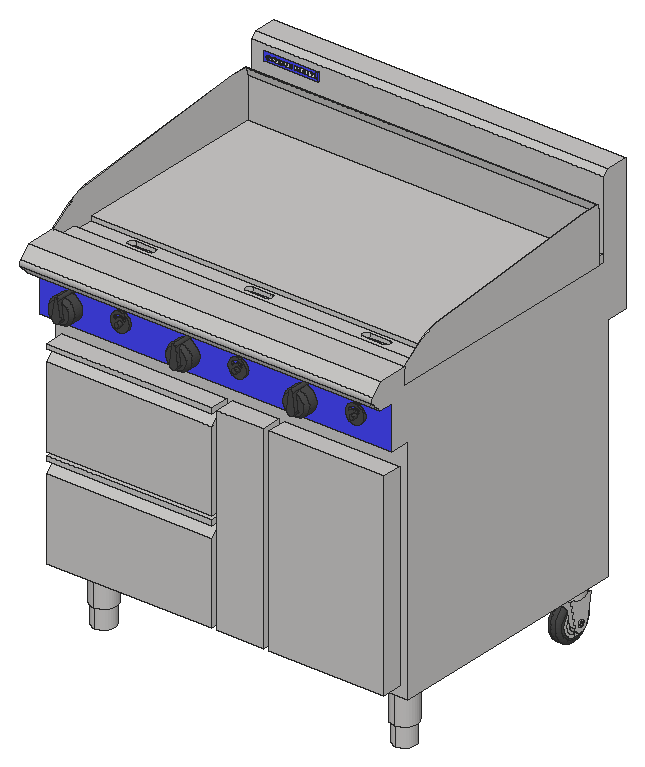
Revit family "QF_MOFFAT_BLUESEAL_CE_G516A-RB", category Specialty Equipment, Revit 2012
Parameters
  Weight in Pounds = 396  # constant formula
  Width [instance] = 900.00 mm  # constant formula
  Watts = 250 W
  Volts = 230 V
  URL Cutsheet = "www.moffat.com"
  URL = "www.moffat.com"
  Type Mark [instance] = ""
  Status [instance] = ""
  Specification by User [instance] = ""
  Specification by Manufacturer = ""
  Show Logo [instance] = yes
  Show Door [instance] = no
  Show Clearance [instance] = yes
  Show Casters [instance] = yes
  Serial Number = ""
  Seismic Rating = ""
  SMACNA No = ""
  Revision Code [instance] = ""
  Refrigerant Type = "R134a"
  Phase = 1
  Omniclass Number and Title = ""
  Number of Poles = 1
  NAFEM Spec ID Number = ""
  Model = "G516A-RB"
  Min Ckt Ampacity = 0 A
  Mechanical Remarks = ""
  Mechanical Connection Type = ""
  Max Overcurrent Protection = 0 A
  Masterspec = ""
  Manufacturer = "MOFFAT BLUESEAL"
  Legs [instance] = not(Show Casters)  # no
  Item Number [instance] = ""
  Installed By [instance] = ""
  Identify Quantity as Lot [instance] = yes
  HP = ""
  Gas Size = 3/4"
  Gas RI Height = 0.00 mm
  Gas KW = 18
  Gas Input = 61200.0 Btu/h
  Gas Connection Height = 0.00 mm
  Furnished By [instance] = ""
  Foodservice Equipment Identifier [instance] = yes
  FL Amps = 1.8 A
  Elec Conn RI Height = 0.00 mm
  Elec Conn Connection Height = 0.00 mm
  Drawer Clearance [instance] = and(Show Clearance, and(Drawer))  # yes
  Drawer [instance] = not(Show Door)  # yes
  Door Clearance [instance] = and(Show Clearance, and(Show Door))  # no
  Description = "900MM GAS GRIDDLE TOP ON REFRIGERATED BASE"
  Depth [instance] = 812.00 mm  # constant formula
  Cycle = 50 Hz
  Conn Plug = ""
  Conn Conduit = yes
  CSI MasterFormat = ""
  CSI Master Format = ""
  Back Splash [instance] = 215.00 mm  # constant formula
  Apparent Power = if(Phase = 3, Volts * FL Amps * 1.73, Volts * FL Amps)  # 414 VA
Reference planes
  plane 1 "BACK": y = 0
  plane 2: z = 0
  plane 3 "LEFT": x = 0
  plane 4 "RIGHT": x = 900
  plane 5 "FRONT": y = -812
  plane 6 "TOP": z = 970
  plane 7 "Center Y": x = 450
  plane 8 "Center X": y = -406
  plane 9 "Base Height": z = 150
  plane 10: z = 915
  plane 11: x = 65
  plane 12: x = 834
  plane 13: y = -625
  plane 14: x = 770
  plane 15: z = 655
  plane 16: y = -32
  plane 17: x = 617
  plane 18: z = 402
  plane 19: z = 1085
  plane 20: y = -100
Forms (mm)
  Extrusion 1, solid, material "QF_Finishes_Stainless Steel"
    sketch origin (0, 0, 0) x (0, 1, 0) y (0, 0, 1)
      loop
        line (-697, 150) -> (-57, 150) -> (-57, 740) -> (0, 740) -> (0, 1085) -> (-57.5, 1085) -> (-70, 1072.5) -> (-70, 875) -> (-705, 875) -> (-705, 915) -> (-783.97, 915) -> (-808.485, 890.485)
        arc (-808.485, 890.485) -> (-811.999, 882) -> (-808.485, 873.515) r 12
        line (-808.485, 873.515) -> (-784.97, 850) -> (-749, 850) -> (-749, 740) -> (-697, 740) -> (-697, 150)
    from 0 to 900
  Revolve 2, solid, material "QF_Finishes_Stainless Steel", visible <- "Legs"
    sketch origin (834, -210, 0) x (0, 1, 0) y (0, 0, -1)
      loop
        line (78.25, -150) -> (110, -150) -> (110, 0) -> (82.5, 0) -> (82.5, -50) -> (78.25, -50) -> (78.25, -150)
      axis (110, -150) -> (110, 0)
    angle from 0 to 360
  Revolve 3, solid, material "QF_Finishes_Stainless Steel"
    sketch origin (834, -735, 0) x (0, 1, 0) y (0, 0, -1)
      loop
        line (78.25, -150) -> (110, -150) -> (110, 0) -> (82.5, 0) -> (82.5, -50) -> (78.25, -50) -> (78.25, -150)
      axis (110, -150) -> (110, 0)
    angle from 0 to 360
  Revolve 4, solid, material "QF_Finishes_Stainless Steel", visible <- "Legs"
    sketch origin (65, -210, 0) x (0, 1, 0) y (0, 0, -1)
      loop
        line (78.25, -150) -> (110, -150) -> (110, 0) -> (82.5, 0) -> (82.5, -50) -> (78.25, -50) -> (78.25, -150)
      axis (110, -150) -> (110, 0)
    angle from 0 to 360
  Revolve 5, solid, material "QF_Finishes_Stainless Steel"
    sketch origin (65, -735, 0) x (0, 1, 0) y (0, 0, -1)
      loop
        line (78.25, -150) -> (110, -150) -> (110, 0) -> (82.5, 0) -> (82.5, -50) -> (78.25, -50) -> (78.25, -150)
      axis (110, -150) -> (110, 0)
    angle from 0 to 360
  Revolve 6, solid, material "QF_Finishes_Black"
    sketch origin (90, 0, 600) x (0, 1, 0) y (0, 0, -1)
      loop
        line (-789, -229.5) -> (-766, -229.5) -> (-766, -202) -> (-756, -202) -> (-756, -197) -> (-800, -197) -> (-800, -223.651) -> (-789, -229.5)
      axis (-800, -197) -> (-756, -197)
    angle from 0 to 360
  Extrusion 7, solid, material "QF_Finishes_Black"
    sketch origin (228.27, 0, 600.158) x (-1, 0, 0) y (0, 0, -1)
      loop
        line (127.85, -186.037) -> (133.271, -228.955)
        arc (133.271, -228.955) -> (138.27, -233.842) -> (143.268, -228.955) r 5
        line (143.268, -228.955) -> (148.757, -184.87)
        arc (148.757, -184.87) -> (137.685, -174.371) -> (127.85, -186.037) r 10.487
    from 759 to 808
  Extrusion 8, solid, material "QF_Finishes_Stainless Steel"
    sketch origin (0, -699, 685) x (1, 0, 0) y (0, -1, 0)
      loop
        circle (770, -667) r 13.5
    from -55 to 30
  Extrusion 9, solid, material "QF_Finishes_Stainless Steel"
    sketch origin (0, -57, 685) x (0, 0, 1) y (1, 0, 0)
      loop
        circle (-265, 620) r 13.5
    from 0 to 3.18
  Extrusion 10, solid, material "QF_Finishes_Black"
    sketch origin (0, -749, 866) x (0, 0, -1) y (1, 0, 0)
      loop
        circle (69, 510) r 23.9
      loop
        circle (69, 810) r 23.9
      loop
        circle (69, 210) r 23.9
      loop
        arc (61.641, 218.419) -> (62.501, 223.219) -> (57.701, 224.079) r 3.448
        arc (57.701, 224.079) -> (51.116, 209.341) -> (58.919, 195.209) r 18.095
        arc (58.919, 195.209) -> (63.641, 196.491) -> (62.326, 201.204) r 3.448
        arc (62.326, 201.204) -> (58.758, 209.683) -> (61.641, 218.419) r 13.109
      loop
        arc (61.641, 518.419) -> (62.501, 523.219) -> (57.701, 524.079) r 3.448
        arc (57.701, 524.079) -> (51.116, 509.341) -> (58.919, 495.209) r 18.095
        arc (58.919, 495.209) -> (63.641, 496.491) -> (62.326, 501.204) r 3.448
        arc (62.326, 501.204) -> (58.758, 509.683) -> (61.641, 518.419) r 13.109
      loop
        arc (61.641, 818.419) -> (62.501, 823.219) -> (57.701, 824.079) r 3.448
        arc (57.701, 824.079) -> (51.116, 809.341) -> (58.919, 795.209) r 18.095
        arc (58.919, 795.209) -> (63.641, 796.491) -> (62.326, 801.204) r 3.448
        arc (62.326, 801.204) -> (58.758, 809.683) -> (61.641, 818.419) r 13.109
    from 0 to 5
  Revolve 11, solid, material "QF_Finishes_Stainless Steel", visible <- "Show Casters"
    sketch origin (485.423, -100.755, -12.798) x (1, 0, 0) y (0, 0, 1)
      loop
        line (314.841, 63.604) -> (383.584, 63.604) -> (383.584, 67.109) -> (382.314, 68.379) -> (380.79, 68.379) -> (380.79, 71.826) -> (368.644, 71.826) -> (368.644, 81.79) -> (365.088, 83.843) -> (363.738, 92.179) -> (365.881, 92.179) -> (365.881, 98.529) -> (365.088, 98.529) -> (365.088, 104.879)
        arc (365.088, 104.879) -> (362.298, 111.614) -> (355.563, 114.404) r 9.525
        line (355.563, 114.404) -> (342.863, 114.404)
        arc (342.863, 114.404) -> (336.127, 111.614) -> (333.338, 104.879) r 9.525
        line (333.338, 104.879) -> (333.338, 98.529) -> (332.544, 98.529) -> (332.544, 92.179) -> (334.687, 92.179) -> (333.352, 83.932) -> (329.782, 81.871) -> (329.782, 71.826) -> (317.635, 71.826) -> (317.635, 68.379) -> (316.111, 68.379) -> (314.841, 67.109) -> (314.841, 63.604)
      axis (314.841, 63.604) -> (383.584, 63.604)
    angle from 0 to 360
  Extrusion 12, solid, material "QF_Finishes_Stainless Steel", visible <- "Show Casters"
    sketch origin (841.147, 132.353, -9.137) x (0, 1, 0) y (0, 0, 1)
      loop
        line (-200.603, 118.783) -> (-264.103, 118.783) -> (-251.746, 53.895)
        arc (-251.746, 53.895) -> (-232.353, 38.783) -> (-212.959, 53.895) r 20
        line (-212.959, 53.895) -> (-200.603, 118.783)
    from -35.667 to 22.923
  Revolve 13, solid, material "QF_Finishes_Stainless Steel", visible <- "Show Casters"
    sketch origin (834.646, -204, -0.354) x (0, 1, 0) y (0, 0, 1)
      loop
        line (68.25, 150) -> (68.25, 110) -> (104, 110) -> (104, 150) -> (68.25, 150)
      axis (104, 150) -> (104, 110)
    angle from 0 to 360
  Revolve 14, solid, material "QF_Finishes_Stainless Steel", visible <- "Show Casters"
    sketch origin (-283.577, -100.755, -12.798) x (1, 0, 0) y (0, 0, 1)
      loop
        line (314.841, 63.604) -> (383.584, 63.604) -> (383.584, 67.109) -> (382.314, 68.379) -> (380.79, 68.379) -> (380.79, 71.826) -> (368.644, 71.826) -> (368.644, 81.79) -> (365.088, 83.843) -> (363.738, 92.179) -> (365.881, 92.179) -> (365.881, 98.529) -> (365.088, 98.529) -> (365.088, 104.879)
        arc (365.088, 104.879) -> (362.298, 111.614) -> (355.563, 114.404) r 9.525
        line (355.563, 114.404) -> (342.863, 114.404)
        arc (342.863, 114.404) -> (336.127, 111.614) -> (333.338, 104.879) r 9.525
        line (333.338, 104.879) -> (333.338, 98.529) -> (332.544, 98.529) -> (332.544, 92.179) -> (334.687, 92.179) -> (333.352, 83.932) -> (329.782, 81.871) -> (329.782, 71.826) -> (317.635, 71.826) -> (317.635, 68.379) -> (316.111, 68.379) -> (314.841, 67.109) -> (314.841, 63.604)
      axis (314.841, 63.604) -> (383.584, 63.604)
    angle from 0 to 360
  Extrusion 15, solid, material "QF_Finishes_Stainless Steel", visible <- "Show Casters"
    sketch origin (72.147, 132.353, -9.137) x (0, 1, 0) y (0, 0, 1)
      loop
        line (-200.603, 118.783) -> (-264.103, 118.783) -> (-251.746, 53.895)
        arc (-251.746, 53.895) -> (-232.353, 38.783) -> (-212.959, 53.895) r 20
        line (-212.959, 53.895) -> (-200.603, 118.783)
    from -35.667 to 22.923
  Revolve 16, solid, material "QF_Finishes_Stainless Steel", visible <- "Show Casters"
    sketch origin (65.646, -204, -0.354) x (0, 1, 0) y (0, 0, 1)
      loop
        line (68.25, 150) -> (68.25, 110) -> (104, 110) -> (104, 150) -> (68.25, 150)
      axis (104, 150) -> (104, 110)
    angle from 0 to 360
  Revolve 17, solid, material "QF_Finishes_Black"
    sketch origin (390, 0, 600) x (0, 1, 0) y (0, 0, -1)
      loop
        line (-789, -229.5) -> (-766, -229.5) -> (-766, -202) -> (-756, -202) -> (-756, -197) -> (-800, -197) -> (-800, -223.651) -> (-789, -229.5)
      axis (-800, -197) -> (-756, -197)
    angle from 0 to 360
  Extrusion 18, solid, material "QF_Finishes_Black"
    sketch origin (528.27, 0, 600.158) x (-1, 0, 0) y (0, 0, -1)
      loop
        line (127.85, -186.037) -> (133.271, -228.955)
        arc (133.271, -228.955) -> (138.27, -233.842) -> (143.268, -228.955) r 5
        line (143.268, -228.955) -> (148.757, -184.87)
        arc (148.757, -184.87) -> (137.685, -174.371) -> (127.85, -186.037) r 10.487
    from 759 to 808
  Revolve 19, solid, material "QF_Finishes_Black"
    sketch origin (690, 0, 600) x (0, 1, 0) y (0, 0, -1)
      loop
        line (-789, -229.5) -> (-766, -229.5) -> (-766, -202) -> (-756, -202) -> (-756, -197) -> (-800, -197) -> (-800, -223.651) -> (-789, -229.5)
      axis (-800, -197) -> (-756, -197)
    angle from 0 to 360
  Extrusion 20, solid, material "QF_Finishes_Black"
    sketch origin (828.27, 0, 600.158) x (-1, 0, 0) y (0, 0, -1)
      loop
        line (127.85, -186.037) -> (133.271, -228.955)
        arc (133.271, -228.955) -> (138.27, -233.842) -> (143.268, -228.955) r 5
        line (143.268, -228.955) -> (148.757, -184.87)
        arc (148.757, -184.87) -> (137.685, -174.371) -> (127.85, -186.037) r 10.487
    from 759 to 808
  Extrusion 21, solid, material "QF_Finishes_Black"
    sketch origin (0, -754, 866) x (0, 0, -1) y (1, 0, 0)
      loop
        circle (72.5, 810) r 5.75
      loop
        circle (72.5, 510) r 5.75
      loop
        circle (72.5, 210) r 5.75
    from 0 to 10
  Extrusion 22, solid, material "QF_Finishes_Stainless Steel"
    sketch origin (0, 0, 0) x (0, 1, 0) y (0, 0, 1)
      loop
        line (-699, 678) -> (-747, 678) -> (-747, 665) -> (-715.13, 665) -> (-749, 636.579) -> (-749, 431) -> (-699, 431) -> (-699, 678)
      loop
        line (-749, 175) -> (-699, 175) -> (-699, 421) -> (-747, 421) -> (-747, 408) -> (-715.13, 408) -> (-749, 379.579) -> (-749, 175)
    from 17.986 to 440
  Extrusion 23, solid, material "QF_Finishes_Stainless Steel"
    sketch origin (723.5, 0, 0) x (0, 1, 0) y (0, 0, 1)
      loop
        line (-699, 678) -> (-749, 678) -> (-749, 175) -> (-699, 175) -> (-699, 678)
    from -270.5 to -150.5
  Extrusion 24, solid, material "QF_Door-Drawer Clearances", visible <- "Show Clearance", detail levels coarse
    sketch origin (0, -749, 676) x (0, 0, -1) y (1, 0, 0)
      loop
        line (501, 440) -> (255, 440) -> (255, 17.986) -> (501, 17.986) -> (501, 440)
      loop
        line (245, 440) -> (-2, 440) -> (-2, 17.986) -> (245, 17.986) -> (245, 440)
    from 0 to 304.8
  Extrusion 25, solid, material "QF_Finishes_Stainless Steel"
    sketch origin (1031.5, 0, 0) x (0, 1, 0) y (0, 0, 1)
      loop
        line (-699, 678) -> (-749, 678) -> (-749, 175) -> (-699, 175) -> (-699, 678)
    from -444.5 to -150.5
Lines and regions (mm)
  Split face 1
    outline origin (0, 612.322, 1085) x (0, -1, 0) y (1, 0, 0)
      loop
        arc (657.707, 566) -> (652.707, 574.66) -> (642.707, 574.66) r 10
        line (642.707, 574.66) -> (635.707, 570.619)
        arc (635.707, 570.619) -> (632.047, 566.959) -> (630.707, 561.959) r 10
        line (630.707, 561.959) -> (630.707, 334)
        arc (630.707, 334) -> (635.707, 325.34) -> (645.707, 325.34) r 10
        line (645.707, 325.34) -> (652.707, 329.381)
        arc (652.707, 329.381) -> (656.368, 333.041) -> (657.707, 338.041) r 10
        line (657.707, 338.041) -> (657.707, 566)
  Split face 2
    outline origin (0, 612.322, 1085) x (0, -1, 0) y (1, 0, 0)
      loop
        arc (630.707, 624) -> (635.707, 615.34) -> (645.707, 615.34) r 10
        line (645.707, 615.34) -> (652.707, 619.381)
        arc (652.707, 619.381) -> (656.368, 623.041) -> (657.707, 628.041) r 10
        line (657.707, 628.041) -> (657.707, 856)
        arc (657.707, 856) -> (652.707, 864.66) -> (642.707, 864.66) r 10
        line (642.707, 864.66) -> (635.707, 860.619)
        arc (635.707, 860.619) -> (632.047, 856.959) -> (630.707, 851.959) r 10
        line (630.707, 851.959) -> (630.707, 624)
  Split face 3
    outline origin (0, 612.322, 1085) x (0, -1, 0) y (1, 0, 0)
      loop
        arc (657.707, 276) -> (652.707, 284.66) -> (642.707, 284.66) r 10
        line (642.707, 284.66) -> (635.707, 280.619)
        arc (635.707, 280.619) -> (632.047, 276.959) -> (630.707, 271.959) r 10
        line (630.707, 271.959) -> (630.707, 44)
        arc (630.707, 44) -> (635.707, 35.34) -> (645.707, 35.34) r 10
        line (645.707, 35.34) -> (652.707, 39.381)
        arc (652.707, 39.381) -> (656.368, 43.041) -> (657.707, 48.041) r 10
        line (657.707, 48.041) -> (657.707, 276)
  Split face 4
    outline origin (1031.5, -749, 676) x (0, 0, -1) y (1, 0, 0)
      loop
        line (291.62, -416.534) -> (481.62, -416.534) -> (481.62, -181.534) -> (291.62, -181.534) -> (291.62, -416.534)
  Split face 5
    outline origin (1031.5, -749, 931) x (0, 0, -1) y (1, 0, 0)
      loop
        line (291.62, -416.534) -> (356.62, -416.534) -> (356.62, -181.534) -> (291.62, -181.534) -> (291.62, -416.534)
  Split face 6
    outline origin (1031.5, -749, 807.725) x (0, 0, -1) y (1, 0, 0)
      loop
        line (307.841, -274.649) -> (342.841, -274.649) -> (342.841, -219.649) -> (307.841, -219.649) -> (307.841, -274.649)
  Split face 7
    outline origin (939.097, -749, 808.536) x (0, 0, -1) y (1, 0, 0)
      loop
        line (307.841, -274.649) -> (342.841, -274.649) -> (342.841, -239.649) -> (307.841, -239.649) -> (307.841, -274.649)
  symbolic lines
    curve 1: line (0, 0, 0) -> (0, -812, 0)
    curve 2: line (900, 0, 0) -> (0, 0, 0)
    curve 3: line (900, -812, 0) -> (900, 0, 0)
    curve 4: line (0, -812, 0) -> (900, -812, 0)
    curve 13: line (0, -783.97, 0) -> (900, -783.97, 0)
    curve 14: line (0, -70, 0) -> (900, -70, 0)
    curve 15: line (334, -18.385, 0) -> (561.959, -18.385, 0)
    curve 16: arc (561.959, -18.385, 0) -> (566.959, -19.725, 0) -> (570.619, -23.385, 0) r 10
    curve 17: line (570.619, -23.385, 0) -> (574.66, -30.385, 0)
    curve 18: arc (574.66, -30.385, 0) -> (574.66, -40.385, 0) -> (566, -45.385, 0) r 10
    curve 19: line (566, -45.385, 0) -> (338.041, -45.385, 0)
    curve 20: arc (338.041, -45.385, 0) -> (333.041, -44.045, 0) -> (329.381, -40.385, 0) r 10
    curve 21: line (329.381, -40.385, 0) -> (325.34, -33.385, 0)
    curve 22: arc (325.34, -33.385, 0) -> (325.34, -23.385, 0) -> (334, -18.385, 0) r 10
    curve 23: line (44, -18.385, 0) -> (271.959, -18.385, 0)
    curve 24: arc (271.959, -18.385, 0) -> (276.959, -19.725, 0) -> (280.619, -23.385, 0) r 10
    curve 25: line (280.619, -23.385, 0) -> (284.66, -30.385, 0)
    curve 26: arc (284.66, -30.385, 0) -> (284.66, -40.385, 0) -> (276, -45.385, 0) r 10
    curve 27: line (276, -45.385, 0) -> (48.041, -45.385, 0)
    curve 28: arc (48.041, -45.385, 0) -> (43.041, -44.045, 0) -> (39.381, -40.385, 0) r 10
    curve 29: line (39.381, -40.385, 0) -> (35.34, -33.385, 0)
    curve 30: arc (35.34, -33.385, 0) -> (35.34, -23.385, 0) -> (44, -18.385, 0) r 10
    curve 31: line (624, -18.385, 0) -> (851.959, -18.385, 0)
    curve 32: arc (851.959, -18.385, 0) -> (856.959, -19.725, 0) -> (860.619, -23.385, 0) r 10
    curve 33: line (860.619, -23.385, 0) -> (864.66, -30.385, 0)
    curve 34: arc (864.66, -30.385, 0) -> (864.66, -40.385, 0) -> (856, -45.385, 0) r 10
    curve 35: line (856, -45.385, 0) -> (628.041, -45.385, 0)
    curve 36: arc (628.041, -45.385, 0) -> (623.041, -44.045, 0) -> (619.381, -40.385, 0) r 10
    curve 37: line (619.381, -40.385, 0) -> (615.34, -33.385, 0)
    curve 38: arc (615.34, -33.385, 0) -> (615.34, -23.385, 0) -> (624, -18.385, 0) r 10
    curve 39: line (0, -57.5, 0) -> (900, -57.5, 0)
  symbolic lines, style "SpecialityEquipmentHiddenLines", visible <- "Show Casters"
    curve 5: line (875.952, -62.61, 0) -> (825.152, -150.598, 0)
    curve 6: line (848.456, -46.735, 0) -> (875.952, -62.61, 0)
    curve 7: line (797.656, -134.723, 0) -> (848.456, -46.735, 0)
    curve 8: line (825.152, -150.598, 0) -> (797.656, -134.723, 0)
    curve 9: line (106.952, -62.61, 0) -> (56.152, -150.598, 0)
    curve 10: line (79.456, -46.735, 0) -> (106.952, -62.61, 0)
    curve 11: line (28.656, -134.723, 0) -> (79.456, -46.735, 0)
    curve 12: line (56.152, -150.598, 0) -> (28.656, -134.723, 0)
  symbolic lines, style "QF_Door-Drawer Clearances"
    curve 40: line (17.986, -1053.8, 0) -> (440, -1053.8, 0)
    curve 41: line (440, -1053.8, 0) -> (440, -812, 0)
    curve 42: line (17.986, -1053.8, 0) -> (17.986, -812, 0)
Dimensions and locks
  equal spacing: plane 3 "LEFT", plane 7 "Center Y", plane 4 "RIGHT"
  "Width": plane 3 "LEFT" to plane 4 "RIGHT"
  equal spacing: plane 5 "FRONT", plane 8 "Center X", plane 1 "BACK"
  "Depth": plane 5 "FRONT" to plane 1 "BACK"
  locked: plane 10 to level at 915
  locked: plane 9 "Base Height" to level at 150
  plane 6 "TOP" to plane 10 = 55.00 mm
  plane 12 to plane 11 = 769.00 mm
  plane 6 "TOP" to level = 970.00 mm
  plane 14 to plane 4 "RIGHT" = 130.00 mm
  plane 15 to level = 655.00 mm
  plane 16 to plane 1 "BACK" = 32.00 mm
  plane 17 to plane 4 "RIGHT" = 283.00 mm
  plane 18 to level = 402.00 mm
  plane 19 to plane 2 = 1085.00 mm
  Revolve 11 sketch curve to Revolve 11 sketch curve = 50.80 mm
  Revolve 14 sketch curve to Revolve 14 sketch curve = 50.80 mm
  plane 2 to Extrusion 9 sketch curve = 420.00 mm
  aligned and locked: level to plane 2
Automatic sketch dimensions
  Extrusion 1 sketch curve to plane 10 = 0.00 mm
  Extrusion 1 sketch curve to plane 9 "Base Height" = 0.00 mm
  Extrusion 1 sketch curve to plane 19 = 0.00 mm
  Extrusion 1 sketch curve to plane 1 "BACK" = 0.00 mm
  Extrusion 1 sketch curve to plane 16 = 25.00 mm
  Extrusion 1 sketch curve to plane 16 = 25.50 mm
  Extrusion 1 sketch curve to plane 20 = 30.00 mm
  Extrusion 1 sketch curve to plane 13 = 72.00 mm
  Extrusion 1 sketch curve to plane 13 = 80.00 mm
  Extrusion 1 sketch curve to Extrusion 1 sketch curve = 44.00 mm
  Extrusion 1 sketch curve to plane 5 "FRONT" = 28.03 mm
  Extrusion 1 sketch curve to plane 5 "FRONT" = 27.03 mm
  Extrusion 1 sketch curve to plane 5 "FRONT" = 12.001 mm
  Extrusion 1 sketch curve to plane 5 "FRONT" = 3.515 mm  (x2)
  plane 15 to Extrusion 1 sketch curve = 85.00 mm  (x2)
  Extrusion 1 sketch curve to plane 10 = 65.00 mm
  Extrusion 1 sketch curve to Extrusion 1 sketch curve = 23.515 mm
  Extrusion 1 sketch curve to Extrusion 1 sketch curve = 40.00 mm
  Extrusion 1 sketch curve to Extrusion 1 sketch curve = 8.485 mm
  Extrusion 1 sketch curve to plane 19 = 12.50 mm
  Revolve 2 sketch curve to plane 9 "Base Height" = 0.00 mm
  Revolve 2 sketch curve to level = 0.00 mm
  Revolve 2 sketch curve to plane 20 = 0.00 mm  (x2)
  plane 20 to Revolve 2 sketch curve = 27.50 mm
  plane 20 to Revolve 2 sketch curve = 31.75 mm
  level to Revolve 2 sketch curve = 50.00 mm
  Revolve 2 sketch curve to Revolve 2 sketch curve = 0.00 mm
  Revolve 2 sketch curve to Revolve 2 sketch curve = 55.00 mm
  Revolve 3 sketch curve to plane 9 "Base Height" = 0.00 mm
  Revolve 3 sketch curve to level = 0.00 mm
  Revolve 3 sketch curve to plane 13 = 0.00 mm  (x2)
  Revolve 3 sketch curve to plane 13 = 27.50 mm
  Revolve 3 sketch curve to plane 13 = 31.75 mm
  level to Revolve 3 sketch curve = 50.00 mm
  Revolve 3 sketch curve to Revolve 3 sketch curve = 0.00 mm
  Revolve 3 sketch curve to Revolve 3 sketch curve = 55.00 mm
  Revolve 4 sketch curve to plane 9 "Base Height" = 0.00 mm
  Revolve 4 sketch curve to level = 0.00 mm
  Revolve 4 sketch curve to plane 20 = 0.00 mm  (x2)
  plane 20 to Revolve 4 sketch curve = 27.50 mm
  plane 20 to Revolve 4 sketch curve = 31.75 mm
  level to Revolve 4 sketch curve = 50.00 mm
  Revolve 4 sketch curve to Revolve 4 sketch curve = 0.00 mm
  Revolve 4 sketch curve to Revolve 4 sketch curve = 55.00 mm
  Revolve 5 sketch curve to plane 9 "Base Height" = 0.00 mm
  Revolve 5 sketch curve to level = 0.00 mm
  Revolve 5 sketch curve to plane 13 = 0.00 mm  (x2)
  Revolve 5 sketch curve to plane 13 = 27.50 mm
  Revolve 5 sketch curve to plane 13 = 31.75 mm
  level to Revolve 5 sketch curve = 50.00 mm
  Revolve 5 sketch curve to Revolve 5 sketch curve = 0.00 mm
  Revolve 5 sketch curve to Revolve 5 sketch curve = 55.00 mm
  Revolve 6 sketch curve to plane 5 "FRONT" = 12.00 mm
  Revolve 6 sketch curve to Revolve 6 sketch curve = 0.00 mm  (x2)
  Revolve 6 sketch curve to Revolve 6 sketch curve = 11.00 mm
  Revolve 6 sketch curve to Revolve 6 sketch curve = 12.70 mm
  Revolve 6 sketch curve to Revolve 6 sketch curve = 23.00 mm
  Revolve 6 sketch curve to Revolve 6 sketch curve = 10.00 mm
  Revolve 6 sketch curve to plane 10 = 85.50 mm
  Revolve 6 sketch curve to Revolve 6 sketch curve = 5.849 mm
  Revolve 6 sketch curve to Revolve 6 sketch curve = 27.50 mm
  Revolve 6 sketch curve to Revolve 6 sketch curve = 5.00 mm
  plane 11 to Extrusion 7 sketch curve = 35.419 mm
  plane 11 to Extrusion 7 sketch curve = 29.999 mm
  Extrusion 7 sketch curve to Extrusion 7 sketch curve = 10.419 mm
  Extrusion 7 sketch curve to Extrusion 7 sketch curve = 4.999 mm  (x2)
  Extrusion 7 sketch curve to Extrusion 7 sketch curve = 10.487 mm
  Extrusion 7 sketch curve to plane 10 = 85.887 mm
  Extrusion 7 sketch curve to Extrusion 7 sketch curve = 0.113 mm
  Extrusion 7 sketch curve to Extrusion 7 sketch curve = 42.919 mm
  Extrusion 7 sketch curve to Extrusion 7 sketch curve = 1.167 mm
  Extrusion 8 sketch curve to plane 14 = 0.00 mm
  Extrusion 8 sketch curve to plane 16 = 0.00 mm
  Extrusion 1 to Extrusion 9 sketch curve = 280.00 mm
  plane 14 to Revolve 11 sketch curve = 30.264 mm
  Revolve 11 sketch curve to Revolve 11 sketch curve = 1.27 mm  (x4)
  Revolve 11 sketch curve to Revolve 11 sketch curve = 1.524 mm  (x2)
  Revolve 11 sketch curve to Revolve 11 sketch curve = 12.146 mm  (x2)
  plane 12 to Revolve 11 sketch curve = 16.033 mm
  Revolve 11 sketch curve to Revolve 11 sketch curve = 0.794 mm  (x2)
  Revolve 11 sketch curve to Revolve 11 sketch curve = 3.57 mm
  Revolve 11 sketch curve to Revolve 11 sketch curve = 2.143 mm
  plane 12 to Revolve 11 sketch curve = 5.715 mm
  Revolve 11 sketch curve to plane 12 = 5.776 mm
  Revolve 11 sketch curve to plane 12 = 6.985 mm
  Revolve 11 sketch curve to Revolve 11 sketch curve = 8.176 mm
  Revolve 11 sketch curve to Revolve 11 sketch curve = 1.349 mm  (x2)
  Revolve 11 sketch curve to Revolve 11 sketch curve = 3.556 mm
  Revolve 11 sketch curve to plane 4 "RIGHT" = 2.327 mm
  level to Revolve 11 sketch curve = 50.806 mm
  Revolve 11 sketch curve to Revolve 11 sketch curve = 0.00 mm
  Revolve 11 sketch curve to Revolve 11 sketch curve = 3.505 mm  (x2)
  Revolve 11 sketch curve to Revolve 11 sketch curve = 3.447 mm  (x2)
  Revolve 11 sketch curve to Revolve 11 sketch curve = 9.964 mm
  Revolve 11 sketch curve to Revolve 11 sketch curve = 10.045 mm
  Revolve 11 sketch curve to Revolve 11 sketch curve = 2.053 mm
  Revolve 11 sketch curve to Revolve 11 sketch curve = 2.061 mm
  Revolve 11 sketch curve to Revolve 11 sketch curve = 8.247 mm
  Revolve 11 sketch curve to Revolve 11 sketch curve = 8.336 mm
  Revolve 11 sketch curve to Revolve 11 sketch curve = 6.35 mm  (x2)
  Extrusion 12 sketch curve to plane 20 = 0.00 mm
  plane 20 to Extrusion 12 sketch curve = 19.393 mm
  plane 20 to Extrusion 12 sketch curve = 31.75 mm
  Extrusion 12 sketch curve to plane 20 = 19.393 mm
  Extrusion 12 sketch curve to plane 20 = 31.75 mm
  level to Extrusion 12 sketch curve = 44.758 mm
  Extrusion 12 sketch curve to Extrusion 12 sketch curve = 4.889 mm
  Extrusion 12 sketch curve to plane 9 "Base Height" = 40.354 mm
  Revolve 13 sketch curve to plane 20 = 0.00 mm  (x2)
  Revolve 13 sketch curve to plane 9 "Base Height" = 0.354 mm
  Revolve 13 sketch curve to Revolve 13 sketch curve = 35.75 mm
  Revolve 13 sketch curve to Revolve 13 sketch curve = 40.00 mm
  level to Revolve 13 sketch curve = 49.646 mm
  Revolve 13 sketch curve to level = 55.354 mm
  plane 3 "LEFT" to Revolve 14 sketch curve = 31.264 mm
  Revolve 14 sketch curve to Revolve 14 sketch curve = 1.27 mm  (x4)
  Revolve 14 sketch curve to Revolve 14 sketch curve = 1.524 mm  (x2)
  Revolve 14 sketch curve to Revolve 14 sketch curve = 12.146 mm  (x2)
  Revolve 14 sketch curve to plane 11 = 16.033 mm
  Revolve 14 sketch curve to Revolve 14 sketch curve = 0.794 mm  (x2)
  Revolve 14 sketch curve to Revolve 14 sketch curve = 3.57 mm
  Revolve 14 sketch curve to Revolve 14 sketch curve = 2.143 mm
  Revolve 14 sketch curve to plane 11 = 5.715 mm
  plane 11 to Revolve 14 sketch curve = 5.776 mm
  plane 11 to Revolve 14 sketch curve = 6.985 mm
  Revolve 14 sketch curve to Revolve 14 sketch curve = 8.176 mm
  Revolve 14 sketch curve to Revolve 14 sketch curve = 1.349 mm  (x2)
  Revolve 14 sketch curve to Revolve 14 sketch curve = 3.556 mm
  Revolve 14 sketch curve to Revolve 14 sketch curve = 33.32 mm
  level to Revolve 14 sketch curve = 50.806 mm
  Revolve 14 sketch curve to Revolve 14 sketch curve = 0.00 mm
  Revolve 14 sketch curve to Revolve 14 sketch curve = 3.505 mm  (x2)
  Revolve 14 sketch curve to Revolve 14 sketch curve = 3.447 mm  (x2)
  Revolve 14 sketch curve to Revolve 14 sketch curve = 9.964 mm
  Revolve 14 sketch curve to Revolve 14 sketch curve = 10.045 mm
  Revolve 14 sketch curve to Revolve 14 sketch curve = 2.053 mm
  Revolve 14 sketch curve to Revolve 14 sketch curve = 2.061 mm
  Revolve 14 sketch curve to Revolve 14 sketch curve = 8.247 mm
  Revolve 14 sketch curve to Revolve 14 sketch curve = 8.336 mm
  Revolve 14 sketch curve to Revolve 14 sketch curve = 6.35 mm  (x2)
  Extrusion 15 sketch curve to plane 20 = 0.00 mm
  plane 20 to Extrusion 15 sketch curve = 19.393 mm
  plane 20 to Extrusion 15 sketch curve = 31.75 mm
  Extrusion 15 sketch curve to plane 20 = 19.393 mm
  Extrusion 15 sketch curve to plane 20 = 31.75 mm
  level to Extrusion 15 sketch curve = 44.758 mm
  Extrusion 15 sketch curve to Extrusion 15 sketch curve = 4.889 mm
  Extrusion 15 sketch curve to plane 9 "Base Height" = 40.354 mm
  Revolve 16 sketch curve to plane 20 = 0.00 mm  (x2)
  Revolve 16 sketch curve to plane 9 "Base Height" = 0.354 mm
  plane 20 to Revolve 16 sketch curve = 35.75 mm
  Revolve 16 sketch curve to Revolve 16 sketch curve = 40.00 mm
  level to Revolve 16 sketch curve = 49.646 mm
  Revolve 16 sketch curve to level = 55.354 mm
  Split face 1 sketch curve to Extrusion 1 = 18.385 mm
  Split face 1 sketch curve to Split face 1 sketch curve = 5.00 mm  (x2)
  Split face 1 sketch curve to Split face 1 sketch curve = 10.00 mm  (x3)
  Split face 1 sketch curve to Split face 1 sketch curve = 7.00 mm  (x4)
  Split face 1 sketch curve to Extrusion 1 = 325.34 mm
  Split face 1 sketch curve to Split face 1 sketch curve = 4.041 mm  (x2)
  Split face 1 sketch curve to Split face 1 sketch curve = 223.917 mm
  Split face 2 sketch curve to Extrusion 1 = 18.385 mm
  Split face 2 sketch curve to Split face 2 sketch curve = 5.00 mm  (x2)
  Split face 2 sketch curve to Split face 2 sketch curve = 10.00 mm  (x3)
  Split face 2 sketch curve to Split face 2 sketch curve = 7.00 mm  (x4)
  Split face 2 sketch curve to Extrusion 1 = 284.66 mm
  Split face 2 sketch curve to Split face 2 sketch curve = 4.041 mm  (x2)
  Split face 2 sketch curve to Extrusion 1 = 48.041 mm
  Split face 3 sketch curve to Extrusion 1 = 18.385 mm
  Split face 3 sketch curve to Split face 3 sketch curve = 5.00 mm  (x2)
  Split face 3 sketch curve to Split face 3 sketch curve = 10.00 mm  (x3)
  Split face 3 sketch curve to Split face 3 sketch curve = 7.00 mm  (x4)
  Split face 3 sketch curve to Extrusion 1 = 35.34 mm
  Split face 3 sketch curve to Split face 3 sketch curve = 4.041 mm  (x2)
  Split face 3 sketch curve to Split face 3 sketch curve = 223.917 mm
  Revolve 17 sketch curve to plane 5 "FRONT" = 12.00 mm
  Revolve 17 sketch curve to Revolve 17 sketch curve = 0.00 mm  (x2)
  Revolve 17 sketch curve to Revolve 17 sketch curve = 11.00 mm
  Revolve 17 sketch curve to Revolve 17 sketch curve = 12.70 mm
  Revolve 17 sketch curve to Revolve 17 sketch curve = 23.00 mm
  Revolve 17 sketch curve to Revolve 17 sketch curve = 10.00 mm
  Revolve 17 sketch curve to plane 10 = 85.50 mm
  Revolve 17 sketch curve to Revolve 17 sketch curve = 5.849 mm
  Revolve 17 sketch curve to Revolve 17 sketch curve = 27.50 mm
  Revolve 17 sketch curve to Revolve 17 sketch curve = 5.00 mm
  Extrusion 18 sketch curve to plane 7 "Center Y" = 49.581 mm
  Extrusion 18 sketch curve to Extrusion 18 sketch curve = 5.421 mm
  Extrusion 18 sketch curve to Extrusion 18 sketch curve = 10.419 mm
  Extrusion 18 sketch curve to Extrusion 18 sketch curve = 4.999 mm  (x2)
  Extrusion 18 sketch curve to Extrusion 18 sketch curve = 10.487 mm
  Extrusion 18 sketch curve to plane 10 = 85.887 mm
  Extrusion 18 sketch curve to Extrusion 18 sketch curve = 0.113 mm
  Extrusion 18 sketch curve to Extrusion 18 sketch curve = 42.919 mm
  Extrusion 18 sketch curve to Extrusion 18 sketch curve = 1.167 mm
  Revolve 19 sketch curve to plane 5 "FRONT" = 12.00 mm
  Revolve 19 sketch curve to Revolve 19 sketch curve = 0.00 mm  (x2)
  Revolve 19 sketch curve to Revolve 19 sketch curve = 11.00 mm
  Revolve 19 sketch curve to Revolve 19 sketch curve = 12.70 mm
  Revolve 19 sketch curve to Revolve 19 sketch curve = 23.00 mm
  Revolve 19 sketch curve to Revolve 19 sketch curve = 10.00 mm
  Revolve 19 sketch curve to plane 10 = 85.50 mm
  Revolve 19 sketch curve to Revolve 19 sketch curve = 5.849 mm
  Revolve 19 sketch curve to Revolve 19 sketch curve = 27.50 mm
  Revolve 19 sketch curve to Revolve 19 sketch curve = 5.00 mm
  Extrusion 20 sketch curve to plane 14 = 69.581 mm
  Extrusion 20 sketch curve to Extrusion 20 sketch curve = 5.421 mm
  Extrusion 20 sketch curve to Extrusion 20 sketch curve = 10.419 mm
  Extrusion 20 sketch curve to Extrusion 20 sketch curve = 4.999 mm  (x2)
  Extrusion 20 sketch curve to Extrusion 20 sketch curve = 10.487 mm
  Extrusion 20 sketch curve to plane 10 = 85.887 mm
  Extrusion 20 sketch curve to Extrusion 20 sketch curve = 0.113 mm
  Extrusion 20 sketch curve to Extrusion 20 sketch curve = 42.919 mm
  Extrusion 20 sketch curve to Extrusion 20 sketch curve = 1.167 mm
  Extrusion 10 sketch curve to Extrusion 1 = 41.701 mm
  Extrusion 10 sketch curve to Extrusion 10 sketch curve = 1.218 mm
  Extrusion 10 sketch curve to Extrusion 10 sketch curve = 1.97 mm  (x6)
  Extrusion 10 sketch curve to Extrusion 10 sketch curve = 1.724 mm  (x3)
  Extrusion 10 sketch curve to Extrusion 10 sketch curve = 1.683 mm  (x3)
  Extrusion 10 sketch curve to Extrusion 1 = 53.00 mm  (x2)
  Extrusion 10 sketch curve to Extrusion 10 sketch curve = 6.674 mm
  Extrusion 10 sketch curve to Extrusion 10 sketch curve = 0.195 mm  (x3)
  Extrusion 10 sketch curve to Extrusion 10 sketch curve = 2.662 mm  (x3)
  Extrusion 1 to Extrusion 10 sketch curve = 195.209 mm
  Extrusion 10 sketch curve to Extrusion 10 sketch curve = 2.986 mm  (x3)
  Extrusion 10 sketch curve to Extrusion 10 sketch curve = 8.796 mm
  Extrusion 10 sketch curve to Extrusion 10 sketch curve = 0.103 mm  (x3)
  Extrusion 10 sketch curve to Extrusion 10 sketch curve = 0.102 mm  (x3)
  Extrusion 10 sketch curve to Extrusion 10 sketch curve = 285.921 mm
  Extrusion 1 to Extrusion 10 sketch curve = 90.00 mm
  Extrusion 10 sketch curve to Extrusion 10 sketch curve = 11.299 mm  (x2)
  Extrusion 10 sketch curve to Extrusion 10 sketch curve = 10.081 mm  (x2)
  Extrusion 10 sketch curve to Extrusion 10 sketch curve = 14.791 mm  (x2)
  Extrusion 22 sketch curve to plane 15 = 18.421 mm
  Extrusion 22 sketch curve to plane 5 "FRONT" = 63.00 mm  (x2)
  plane 9 "Base Height" to Extrusion 22 sketch curve = 25.00 mm
  plane 18 to Extrusion 22 sketch curve = 6.00 mm
  Extrusion 22 sketch curve to Extrusion 22 sketch curve = 2.00 mm  (x2)
  plane 15 to Extrusion 22 sketch curve = 10.00 mm
  Extrusion 22 sketch curve to Extrusion 22 sketch curve = 31.87 mm  (x2)
  Extrusion 22 sketch curve to Extrusion 22 sketch curve = 50.00 mm
  Extrusion 22 sketch curve to Extrusion 22 sketch curve = 0.00 mm
  Extrusion 22 sketch curve to plane 18 = 22.421 mm
  plane 18 to Extrusion 22 sketch curve = 19.00 mm
  Extrusion 22 sketch curve to Extrusion 22 sketch curve = 10.00 mm
  Extrusion 22 sketch curve to Extrusion 22 sketch curve = 13.00 mm
  plane 9 "Base Height" to Extrusion 23 sketch curve = 25.00 mm
  Extrusion 23 sketch curve to plane 5 "FRONT" = 63.00 mm
  Extrusion 23 sketch curve to Extrusion 23 sketch curve = 50.00 mm
  plane 15 to Extrusion 23 sketch curve = 23.00 mm
  Extrusion 24 sketch curve to Extrusion 22 = 0.00 mm  (x3)
  Extrusion 22 to Extrusion 24 sketch curve = 0.00 mm  (x2)
  Extrusion 22 to Extrusion 24 sketch curve = 41.421 mm
  Extrusion 22 to Extrusion 24 sketch curve = 10.00 mm
  Extrusion 24 sketch curve to Extrusion 24 sketch curve = 246.00 mm
  plane 9 "Base Height" to Extrusion 25 sketch curve = 25.00 mm
  Extrusion 25 sketch curve to plane 5 "FRONT" = 63.00 mm
  Extrusion 25 sketch curve to Extrusion 25 sketch curve = 50.00 mm
  plane 15 to Extrusion 25 sketch curve = 23.00 mm
  Split face 4 sketch curve to Extrusion 25 = 31.034 mm
  Split face 4 sketch curve to Extrusion 25 = 209.38 mm
  Split face 4 sketch curve to Extrusion 25 = 19.38 mm
  Split face 4 sketch curve to Extrusion 25 = 27.966 mm
  Split face 5 sketch curve to Extrusion 25 = 38.62 mm
  Split face 5 sketch curve to Extrusion 25 = 27.966 mm
  Split face 5 sketch curve to Split face 5 sketch curve = 65.00 mm
  Split face 5 sketch curve to Extrusion 25 = 31.034 mm
  Split face 6 sketch curve to Extrusion 25 = 69.149 mm
  Split face 6 sketch curve to Extrusion 25 = 178.116 mm
  Split face 6 sketch curve to Split face 6 sketch curve = 35.00 mm
  Split face 6 sketch curve to Split face 6 sketch curve = 55.00 mm
  Split face 7 sketch curve to Extrusion 25 = 177.305 mm
  Split face 7 sketch curve to Split face 7 sketch curve = 35.00 mm  (x2)
  Split face 7 sketch curve to Extrusion 25 = 77.448 mm
  plane 1 "BACK" to curve 1 = 0.00 mm
  curve 1 to plane 3 "LEFT" = 0.00 mm
  plane 5 "FRONT" to curve 42 = 0.00 mm
  curve 39 to plane 4 "RIGHT" = 0.00 mm
  plane 3 "LEFT" to curve 42 = 17.986 mm
  plane 3 "LEFT" to curve 12 = 28.656 mm
  curve 29 to plane 16 = 1.385 mm
  curve 29 to plane 11 = 29.66 mm
  curve 29 to plane 16 = 8.385 mm
  curve 30 to curve 29 = 4.041 mm
  plane 16 to curve 23 = 13.615 mm
  curve 30 to curve 23 = 8.66 mm
  curve 28 to curve 28 = 8.66 mm
  curve 9 to plane 11 = 8.848 mm
  plane 11 to curve 11 = 14.456 mm
  plane 16 to curve 24 = 3.615 mm
  curve 9 to curve 24 = 165.007 mm
  curve 26 to plane 16 = 3.385 mm
  curve 24 to curve 26 = 4.041 mm
  plane 16 to curve 24 = 8.615 mm
  plane 16 to curve 25 = 1.615 mm
  curve 25 to curve 25 = 4.041 mm
  curve 22 to plane 16 = 1.385 mm
  curve 25 to curve 22 = 40.679 mm
  curve 21 to plane 16 = 8.385 mm
  curve 21 to curve 21 = 4.041 mm
  plane 16 to curve 15 = 13.615 mm
  curve 22 to curve 15 = 8.66 mm
  curve 21 to curve 19 = 8.66 mm
  curve 41 to plane 7 "Center Y" = 10.00 mm
  curve 15 to plane 17 = 55.041 mm
  curve 16 to curve 19 = 4.041 mm
  plane 16 to curve 17 = 8.615 mm
  curve 15 to curve 17 = 8.66 mm
  plane 16 to curve 17 = 1.615 mm
  curve 17 to curve 17 = 4.041 mm
  curve 38 to plane 17 = 1.66 mm
  plane 17 to curve 36 = 2.381 mm
  plane 17 to curve 38 = 7.00 mm
  curve 36 to plane 16 = 3.385 mm
  curve 38 to curve 36 = 4.041 mm
  plane 14 to curve 8 = 27.656 mm
  plane 12 to curve 5 = 8.848 mm
  curve 7 to plane 12 = 14.456 mm
  plane 16 to curve 32 = 3.615 mm
  curve 32 to plane 12 = 17.959 mm
  curve 34 to plane 16 = 3.385 mm
  curve 32 to curve 34 = 4.041 mm  (x2)
  plane 16 to curve 33 = 8.615 mm
  curve 32 to curve 33 = 8.66 mm
  plane 16 to curve 34 = 1.615 mm
  curve 40 to curve 42 = 241.80 mm
  curve 13 to plane 5 "FRONT" = 28.03 mm
  plane 20 to curve 9 = 50.598 mm
  plane 20 to curve 5 = 50.598 mm
  curve 5 to curve 7 = 15.875 mm
  curve 9 to curve 11 = 15.875 mm
  curve 14 to curve 5 = 7.39 mm
  curve 14 to curve 39 = 12.50 mm
  curve 18 to plane 16 = 13.385 mm
  curve 37 to plane 16 = 1.385 mm
  radius of Extrusion 8 sketch curve = 13.50 mm
  radius of Extrusion 9 sketch curve = 13.50 mm
  radius of Extrusion 10 sketch curve = 23.90 mm  (x3)
Nested families
  nested 1: "WALDORF LOGO_FACE BASE" at (32, -70, 1056.885) x (1, 0, 0) z (0, -1, 0), visible <- "Show Logo", type "WALDORF LOGO_FACE BASE", detail levels medium+fine
    with Show Logo yes
  nested 2: "GAS GRIDDLE PLATE 900" at (0, -85, 874.5), type "GAS GRIDDLE PLATE 900"
    with Width 900.00 mm, Type Mark "", Status "", Specification by User "", Revision Code "", Item Number "", Installed By "", Identify Quantity as Lot yes, Furnished By "", Foodservice Equipment Identifier yes, Depth 620.00 mm
Connectors
  piping at (770, -32, 655)
    settings: on Extrusion 8, index 1, connector radius 0.37402", flow factor 0, pipe flow 0 GPM, pressure drop 0.00 psi, fitting loss kfactor 0, connector angle 0.00°, fixture units 0, engagement length 0.00 mm, flow configuration 1, flow direction 1, fitting loss method 0, system type 7, joint type 0, gender type 0, connector reference index -1, connector utility 0, adjustable connector no, is connector primary yes, fitting loss table "", connector description "GAS CONNECTION"
  electrical at (620, -53.82, 420), driven by "Volts", driven by "Watts"
    settings: on Extrusion 9, index 2, voltage 230 V, apparent load 250 VA, apparent load phase1 0 VA, apparent load phase2 0 VA, apparent load phase3 0 VA, power factor 1, load classification "Other", number of poles 1, system type 30, power factor state 1, is connector primary yes, connector utility no, sub classification motor no, connector description "ELECTRICAL CONNECTION"
Definition of nested family "WALDORF LOGO_FACE BASE"
  Parameters (values of type "WALDORF LOGO_FACE BASE")
    Show Logo [instance] = yes
    Default Elevation = 1219.20 mm
  Reference planes
    plane 1 "Center (Front/Back)": y = 0
    plane 2: z = 0
    plane 3 "Center (Left/Right)": x = 0
  Forms (mm)
    Extrusion 1, solid
      sketch origin (0, 0, 0) x (1, 0, 0) y (0, 1, 0)
        loop
          line (-1219.2, 1219.2) -> (-1219.2, -1219.2) -> (1219.2, -1219.2) -> (1219.2, 1219.2) -> (-1219.2, 1219.2)
      from 0 to -304.8
    Extrusion 2, solid, material "QF_Finishes_Blue", visible <- "Show Logo"
      sketch origin (0, -33.217, 0) x (1, 0, 0) y (0, 1, 0)
        loop
          arc (138, 31.942) -> (137.626, 32.844) -> (136.724, 33.217) r 1.276
          line (136.724, 33.217) -> (1.29, 33.217)
          arc (1.29, 33.217) -> (0.378, 32.839) -> (0, 31.927) r 1.29
          line (0, 31.927) -> (0, 11.507)
          arc (0, 11.507) -> (0.378, 10.595) -> (1.29, 10.217) r 1.29
          line (1.29, 10.217) -> (136.71, 10.217)
          arc (136.71, 10.217) -> (137.622, 10.595) -> (138, 11.507) r 1.29
          line (138, 11.507) -> (138, 31.942)
      from 0 to 1.588
    Extrusion 3, solid, material "QF_Finishes_White", visible <- "Show Logo"
      sketch origin (0, -33.217, 1.588) x (1, 0, 0) y (0, 1, 0)
        loop
          arc (108.946, 25.919) -> (107.613, 25.367) -> (107.061, 24.034) r 1.885
          line (107.061, 24.034) -> (107.061, 17.211) -> (112.704, 17.211) -> (112.704, 19.129) -> (115.546, 19.129) -> (115.546, 17.211) -> (121.584, 17.211) -> (121.584, 24.075)
          arc (121.584, 24.075) -> (121.043, 25.379) -> (119.739, 25.919) r 1.845
          line (119.739, 25.919) -> (108.946, 25.919)
        loop
          line (123.478, 25.919) -> (123.478, 17.163) -> (134.904, 17.163) -> (134.904, 19.129) -> (129.246, 19.129) -> (129.246, 25.919) -> (123.478, 25.919)
        loop
          line (112.704, 21.258) -> (115.546, 21.258) -> (115.546, 22.702)
          arc (115.546, 22.702) -> (115.344, 23.188) -> (114.858, 23.389) r 0.687
          line (114.858, 23.389) -> (113.363, 23.389)
          arc (113.363, 23.389) -> (112.897, 23.196) -> (112.704, 22.73) r 0.658
          line (112.704, 22.73) -> (112.704, 21.258)
        loop
          line (105.071, 25.919) -> (93.771, 25.919) -> (93.771, 17.163) -> (105.071, 17.163) -> (105.071, 19.063) -> (99.535, 19.063) -> (99.535, 20.437) -> (105.071, 20.437) -> (105.071, 22.278) -> (99.535, 22.278) -> (99.535, 23.587) -> (105.071, 23.587) -> (105.071, 25.919)
        loop
          line (91.104, 25.919) -> (79.541, 25.919)
          arc (79.541, 25.919) -> (78.558, 25.513) -> (78.152, 24.53) r 1.389
          line (78.152, 24.53) -> (78.152, 22.08)
          arc (78.152, 22.08) -> (78.558, 21.098) -> (79.541, 20.691) r 1.389
          line (79.541, 20.691) -> (86.346, 20.691) -> (86.346, 18.864) -> (83.266, 18.864) -> (83.266, 19.664) -> (78.152, 19.664) -> (78.152, 18.553)
          arc (78.152, 18.553) -> (78.558, 17.57) -> (79.541, 17.163) r 1.389
          line (79.541, 17.163) -> (91.063, 17.163)
          arc (91.063, 17.163) -> (92.045, 17.57) -> (92.452, 18.553) r 1.389
          line (92.452, 18.553) -> (92.452, 20.691)
          arc (92.452, 20.691) -> (92.045, 21.673) -> (91.063, 22.08) r 1.389
          line (91.063, 22.08) -> (83.266, 22.08) -> (83.266, 23.984) -> (86.346, 23.984) -> (86.346, 22.743) -> (92.452, 22.743) -> (92.452, 24.571)
          arc (92.452, 24.571) -> (92.057, 25.524) -> (91.104, 25.919) r 1.348
        loop
          line (70.705, 25.919) -> (59.405, 25.919) -> (59.405, 17.163) -> (70.705, 17.163) -> (70.705, 19.063) -> (65.169, 19.063) -> (65.169, 20.437) -> (70.705, 20.437) -> (70.705, 22.278) -> (65.169, 22.278) -> (65.169, 23.587) -> (70.705, 23.587) -> (70.705, 25.919)
        loop
          line (57.598, 25.919) -> (51.7, 25.919) -> (51.7, 20.18)
          arc (51.7, 20.18) -> (50.63, 19.11) -> (49.56, 20.18) r 1.07
          line (49.56, 20.18) -> (49.56, 25.919) -> (43.663, 25.919) -> (43.663, 19.049)
          arc (43.663, 19.049) -> (44.215, 17.716) -> (45.548, 17.163) r 1.885
          line (45.548, 17.163) -> (55.71, 17.163)
          arc (55.71, 17.163) -> (57.045, 17.716) -> (57.598, 19.051) r 1.887
          line (57.598, 19.051) -> (57.598, 25.919)
        loop
          line (31.62, 25.919) -> (31.62, 17.163) -> (43.046, 17.163) -> (43.046, 19.129) -> (37.388, 19.129) -> (37.388, 25.919) -> (31.62, 25.919)
        loop
          line (15.969, 25.919) -> (15.969, 17.163) -> (28.693, 17.163)
          arc (28.693, 17.163) -> (29.812, 17.627) -> (30.276, 18.746) r 1.582
          line (30.276, 18.746) -> (30.276, 20.447) -> (29.48, 21.243) -> (30.276, 22.039) -> (30.276, 24.332)
          arc (30.276, 24.332) -> (29.811, 25.454) -> (28.688, 25.919) r 1.587
          line (28.688, 25.919) -> (15.969, 25.919)
        loop
          line (21.449, 24.159) -> (21.449, 22.436) -> (23.862, 22.436)
          arc (23.862, 22.436) -> (24.723, 23.298) -> (23.862, 24.159) r 0.861
          line (23.862, 24.159) -> (21.449, 24.159)
        loop
          line (21.449, 20.244) -> (21.449, 18.522) -> (23.862, 18.522)
          arc (23.862, 18.522) -> (24.723, 19.383) -> (23.862, 20.244) r 0.861
          line (23.862, 20.244) -> (21.449, 20.244)
      from 0 to 0.2
    Extrusion 4, solid, material "QF_Finishes_Blue", visible <- "Show Logo"
      sketch origin (-126.498, -31.09, 1.588) x (1, 0, 0) y (0, 1, 0)
        loop
          line (136.738, 23.522) -> (136.738, 15.1)
          arc (136.738, 15.1) -> (140.756, 19.311) -> (136.738, 23.522) r 4.216
      from 0 to 0.2
    Extrusion 5, solid, material "QF_Finishes_Red", visible <- "Show Logo"
      sketch origin (146.849, -31.09, 1.588) x (-1, 0, 0) y (0, -1, 0)
        loop
          arc (136.738, -23.522) -> (140.756, -19.311) -> (136.738, -15.1) r 4.216
          line (136.738, -15.1) -> (136.738, -23.522)
      from 0 to 0.2
  Lines and regions (mm)
    Split face 1
      outline origin (-90.35, -30.793, 1.588) x (1, 0, 0) y (0, 1, 0)
        loop
          circle (100.54, 19.013) r 4.536
  Dimensions and locks
    aligned and locked: plane 2 to Extrusion 1
    aligned and locked: level to Extrusion 1
Definition of nested family "GAS GRIDDLE PLATE 900"
  Parameters (values of type "GAS GRIDDLE PLATE 900")
    Width [instance] = 900.00 mm
    Weight in Pounds = 0
    URL Cutsheet = ""
    Type Mark [instance] = ""
    Status [instance] = ""
    Specification by User [instance] = ""
    Specification by Manufacturer = ""
    Serial Number = ""
    Seismic Rating = ""
    SMACNA No = ""
    Revision Code [instance] = ""
    Omniclass Number and Title = ""
    NAFEM Spec ID Number = ""
    Masterspec = ""
    Item Number [instance] = ""
    Installed By [instance] = ""
    Identify Quantity as Lot [instance] = yes
    Furnished By [instance] = ""
    Foodservice Equipment Identifier [instance] = yes
    Depth [instance] = 620.00 mm
    CSI MasterFormat = ""
    CSI Master Format = ""
  Reference planes
    plane 1 "BACK": y = 0
    plane 2: z = 0
    plane 3 "LEFT": x = 0
    plane 4 "RIGHT": x = 900
    plane 5 "FRONT": y = -620
    plane 6 "TOP": z = 142.5
    plane 7 "Center Y": x = 450
    plane 8 "Center X": y = -310
    plane 9: y = -530.997
    plane 10: y = -541.497
    plane 11: y = -503.25
    plane 12: y = -557.737
  Forms (mm)
    Extrusion 1, solid, material "QF_Finishes_Stainless Steel"
      sketch origin (0, 70.003, -874.5) x (0, 1, 0) y (0, 0, 1)
        loop
          line (-70, 875) -> (-70, 997.489) -> (-75.228, 1017) -> (-117.24, 1017) -> (-589.533, 971.523)
          arc (-589.533, 971.523) -> (-614.56, 965.803) -> (-637.306, 953.899) r 100
          line (-637.306, 953.899) -> (-690.003, 917) -> (-690.003, 875) -> (-70, 875)
      from 0 to 1.8
    Extrusion 2, solid, material "QF_Finishes_Stainless Steel"
      sketch origin (600, 70.003, -874.5) x (0, -1, 0) y (0, 0, 1)
        loop
          line (70, 875) -> (690.003, 875) -> (690.003, 917) -> (637.306, 953.899)
          arc (637.306, 953.899) -> (614.56, 965.803) -> (589.533, 971.523) r 100
          line (589.533, 971.523) -> (117.24, 1017) -> (75.228, 1017) -> (70, 997.489) -> (70, 875)
      from -300 to -298.8
    Extrusion 3, solid, material "QF_Finishes_Stainless Steel"
      sketch origin (150, 70.003, -874.5) x (0, 1, 0) y (0, 0, 1)
        loop
          line (-55, 895) -> (-573.253, 895) -> (-573.253, 884.5) -> (-627.74, 884.5) -> (-627.74, 895) -> (-690.003, 895) -> (-690.003, 875) -> (-55, 875) -> (-55, 895)
      from -148.2 to 748.8
    Extrusion 4, void
      sketch origin (0.113, -541.497, 10) x (0, -1, 0) y (1, 0, 0)
        loop
          arc (-7.497, 175) -> (-17.497, 185) -> (-27.497, 175) r 10
          line (-27.497, 175) -> (-27.497, 125)
          arc (-27.497, 125) -> (-17.497, 115) -> (-7.497, 125) r 10
          line (-7.497, 125) -> (-7.497, 175)
        loop
          line (-7.497, 424.887) -> (-7.497, 474.887)
          arc (-7.497, 474.887) -> (-17.497, 484.887) -> (-27.497, 474.887) r 10
          line (-27.497, 474.887) -> (-27.497, 424.887)
          arc (-27.497, 424.887) -> (-17.497, 414.887) -> (-7.497, 424.887) r 10
        loop
          line (-7.497, 724.774) -> (-7.497, 774.774)
          arc (-7.497, 774.774) -> (-17.497, 784.774) -> (-27.497, 774.774) r 10
          line (-27.497, 774.774) -> (-27.497, 724.774)
          arc (-27.497, 724.774) -> (-17.497, 714.774) -> (-7.497, 724.774) r 10
      from -41.4 to 40.142
    Extrusion 5, solid, material "QF_Finishes_Stainless Steel"
      sketch origin (0, 70.003, -874.5) x (0, 1, 0) y (0, 0, 1)
        loop
          line (-70, 875) -> (-70, 997.489) -> (-75.228, 1017) -> (-76.884, 1017) -> (-71.6, 997.278) -> (-71.6, 875) -> (-70, 875)
      from 0 to 898.8
  Cuts and joins
    Extrusion 4 cuts Extrusion 3
    joined: Extrusion 1, Extrusion 2, Extrusion 3, Extrusion 5
  Lines and regions (mm)
    symbolic lines
      curve 1: line (900, -503.25, 0) -> (0, -503.25, 0)
      curve 2: line (0, -557.737, 0) -> (900, -557.737, 0)
      curve 3: line (0, -1.68, 0) -> (900, -1.68, 0)
      curve 4: line (900, -1.68, 0) -> (900, -620, 0)
      curve 5: line (0, -620, 0) -> (0, -1.68, 0)
      curve 6: line (0, -620, 0) -> (900, -620, 0)
      curve 7: arc (175.113, -534, 0) -> (185.113, -524, 0) -> (175.113, -514, 0) r 10
      curve 8: line (175.113, -514, 0) -> (125.113, -514, 0)
      curve 9: arc (125.113, -514, 0) -> (115.113, -524, 0) -> (125.113, -534, 0) r 10
      curve 10: line (125.113, -534, 0) -> (175.113, -534, 0)
      curve 11: arc (425, -534, 0) -> (415, -524, 0) -> (425, -514, 0) r 10
      curve 12: line (425, -514, 0) -> (475, -514, 0)
      curve 13: arc (475, -514, 0) -> (485, -524, 0) -> (475, -534, 0) r 10
      curve 14: line (475, -534, 0) -> (425, -534, 0)
      curve 15: arc (724.887, -534, 0) -> (714.887, -524, 0) -> (724.887, -514, 0) r 10
      curve 16: line (724.887, -514, 0) -> (774.887, -514, 0)
      curve 17: arc (774.887, -514, 0) -> (784.887, -524, 0) -> (774.887, -534, 0) r 10
      curve 18: line (774.887, -534, 0) -> (724.887, -534, 0)
  Dimensions and locks
    equal spacing: plane 3 "LEFT", plane 7 "Center Y", plane 4 "RIGHT"
    "Width": plane 3 "LEFT" to plane 4 "RIGHT"
    equal spacing: plane 5 "FRONT", plane 8 "Center X", plane 1 "BACK"
    "Depth": plane 5 "FRONT" to plane 1 "BACK"
    locked: Extrusion 2 to Extrusion 2 at 1.2
    aligned and locked: level to plane 2
    aligned and locked: Extrusion 2 to plane 4 "RIGHT"
    aligned and locked: curve 1 to plane 11
    aligned and locked: plane 12 to curve 2
    aligned and locked: Extrusion 5 to cut or joined group of Extrusion 1, Extrusion 2, Extrusion 3, Extrusion 4, Extrusion 5
  Automatic sketch dimensions
    Extrusion 1 sketch curve to plane 5 "FRONT" = 0.00 mm
    Extrusion 1 sketch curve to plane 6 "TOP" = 0.00 mm
    plane 12 to Extrusion 1 sketch curve = 9.566 mm
    plane 11 to Extrusion 1 sketch curve = 16.28 mm
    Extrusion 1 sketch curve to level = 2.516 mm
    plane 11 to Extrusion 1 sketch curve = 6.695 mm
    plane 1 "BACK" to Extrusion 1 sketch curve = 47.237 mm
    plane 1 "BACK" to Extrusion 1 sketch curve = 5.225 mm
    Extrusion 1 sketch curve to plane 1 "BACK" = 0.003 mm
    level to Extrusion 1 sketch curve = 0.50 mm
    Extrusion 1 sketch curve to Extrusion 1 sketch curve = 42.00 mm
    Extrusion 1 sketch curve to plane 6 "TOP" = 63.101 mm
    Extrusion 1 sketch curve to plane 6 "TOP" = 19.511 mm
    Extrusion 2 sketch curve to plane 6 "TOP" = 0.00 mm
    Extrusion 2 sketch curve to plane 5 "FRONT" = 0.00 mm
    plane 12 to Extrusion 2 sketch curve = 9.566 mm
    plane 11 to Extrusion 2 sketch curve = 16.28 mm
    Extrusion 2 sketch curve to level = 2.516 mm
    plane 11 to Extrusion 2 sketch curve = 6.695 mm
    plane 1 "BACK" to Extrusion 2 sketch curve = 47.237 mm
    plane 1 "BACK" to Extrusion 2 sketch curve = 5.225 mm
    Extrusion 2 sketch curve to plane 1 "BACK" = 0.003 mm
    level to Extrusion 2 sketch curve = 0.50 mm
    Extrusion 2 sketch curve to Extrusion 2 sketch curve = 42.00 mm
    Extrusion 2 sketch curve to plane 6 "TOP" = 63.101 mm
    Extrusion 2 sketch curve to plane 6 "TOP" = 19.511 mm
    Extrusion 3 sketch curve to plane 5 "FRONT" = 0.00 mm
    Extrusion 3 sketch curve to plane 12 = 0.00 mm
    Extrusion 3 sketch curve to plane 11 = 0.00 mm
    Extrusion 3 sketch curve to plane 1 "BACK" = 15.003 mm
    level to Extrusion 3 sketch curve = 0.50 mm
    level to Extrusion 3 sketch curve = 10.00 mm
    Extrusion 3 sketch curve to Extrusion 3 sketch curve = 10.50 mm  (x2)
    plane 1 "BACK" to Extrusion 5 sketch curve = 5.225 mm
    Extrusion 5 sketch curve to plane 1 "BACK" = 0.003 mm
    Extrusion 5 sketch curve to plane 6 "TOP" = 19.511 mm
    Extrusion 5 sketch curve to Extrusion 5 sketch curve = 1.60 mm
    Extrusion 5 sketch curve to Extrusion 5 sketch curve = 0.211 mm
    Extrusion 5 sketch curve to plane 6 "TOP" = 0.00 mm
    Extrusion 5 sketch curve to Extrusion 5 sketch curve = 1.656 mm
    level to Extrusion 5 sketch curve = 0.50 mm
    curve 6 to plane 3 "LEFT" = 0.00 mm
    curve 3 to plane 4 "RIGHT" = 0.00 mm
    plane 5 "FRONT" to curve 6 = 0.00 mm
    plane 11 to curve 9 = 20.75 mm
    plane 3 "LEFT" to curve 9 = 125.113 mm
    curve 10 to plane 12 = 23.737 mm
    curve 9 to curve 10 = 50.00 mm
    curve 14 to plane 7 "Center Y" = 25.00 mm
    plane 11 to curve 12 = 10.75 mm
    plane 7 "Center Y" to curve 12 = 25.00 mm
    curve 15 to plane 12 = 23.737 mm
    plane 4 "RIGHT" to curve 15 = 175.113 mm
    plane 11 to curve 16 = 10.75 mm
    curve 16 to curve 16 = 50.00 mm
    curve 14 to curve 12 = 20.00 mm
    plane 1 "BACK" to curve 3 = 1.68 mm
    plane 11 to Extrusion 4 sketch curve = 10.75 mm  (x3)
    Extrusion 4 sketch curve to Extrusion 4 sketch curve = 10.00 mm  (x3)
    plane 3 "LEFT" to Extrusion 4 sketch curve = 125.113 mm
    Extrusion 4 sketch curve to Extrusion 4 sketch curve = 50.00 mm  (x2)
    Extrusion 4 sketch curve to plane 7 "Center Y" = 25.00 mm
    plane 7 "Center Y" to Extrusion 4 sketch curve = 25.00 mm
    plane 4 "RIGHT" to Extrusion 4 sketch curve = 175.113 mm
